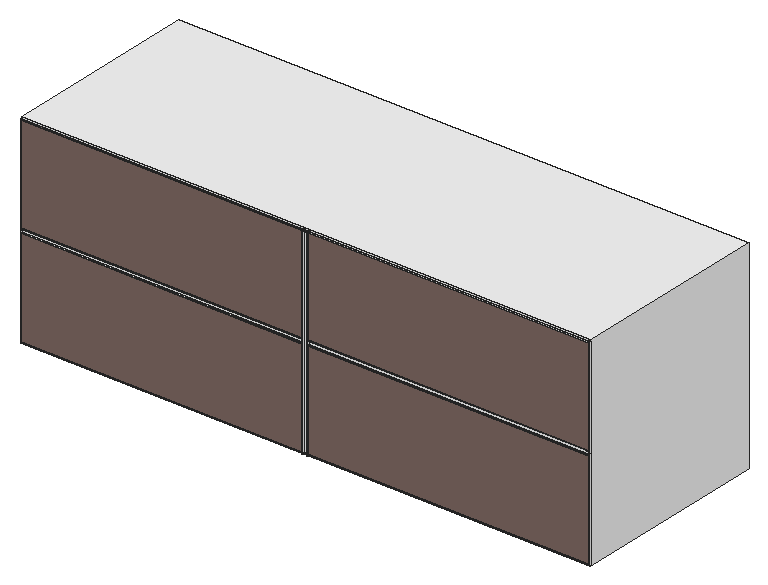
Revit family "vanity unit-hansgrohe-54199XXX-Xevolos E Vanity unit Matt White 1570_550 with 4 drawers for consoles with 2 countertop basins ground", category Furniture, Revit 2019 (continued)
Types (6, lengths in mm): name | SURFACE | NB | Model | MIdent | LODLEVEL | LINA | IDNR | ARTNR | 54199730-MATT_WHITE-DARK_OAK-400_RX0RY0RZ0TX0TY0TZ0_V | 54199730-MATT_WHITE-DARK_OAK-200_RX0RY0RZ0TX0TY0TZ0_V | 54199390-MATT_WHITE-PATTEREND_BRONZE-400_RX0RY0RZ0TX0TY0TZ0_V | 54199390-MATT_WHITE-PATTEREND_BRONZE-200_RX0RY0RZ0TX0TY0TZ0_V | 54199320-MATT_WHITE-METALLIC_WHITE-400_RX0RY0RZ0TX0TY0TZ0_V | 54199320-MATT_WHITE-METALLIC_WHITE-200_RX0RY0RZ0TX0TY0TZ0_V
  54199390-MATT_WHITE-PATTEREND_BRONZE-200 | "PATTEREND_BRONZE" | "54199390-MATT_WHITE-PATTEREND_BRONZE-200" | "54199390-MATT_WHITE-PATTEREND_BRONZE-200" | "{$CADENAS_DATA/23d-libs/hansgrohe/xevolos_furniture/e_vanity_unit_4drawers_consoles_2countertop_basin/vanity_unit_4drawers_consoles_2countertopbasin.prj},294 {VTYP=3D},{NB=54199390-MATT_WHITE-PATTEREND_BRONZE-200},{LINA=54199390-MATT_WHITE-PATTEREND_BRONZE-200},{NN=Vanity unit with 4 drawers for consoles with 2 countertop basins ground},{DATE=13.03.2023 11:55:27},{GEOMDATE=12.03.2023 06:39:00},{VERSION=},{LINEID=110},{WBVAR=LODLEVEL},{WBNUMERIC=}  {NB=54199390-MATT_WHITE-PATTEREND_BRONZE-200},{LINA=54199390-MATT_WHITE-PATTEREND_BRONZE-200},{KT=DUMMY},{IDNR=11},{ARTNR=54199390},{BASENUMBER=54199},{MODEL=54199XXX},{OBERFLAECHE=MATT_WHITE},{SURFACE=PATTEREND_BRONZE},{L=1570},{LODLEVEL=200},{LODLEVELX='400','400','200','200'},{NAME=Xevolos E Vanity unit Matt White 1570/550 with 4 drawers for consoles with 2 countertop basins ground},{PERMALINK=54199XXX},{OBJECTTYPE=Object (single object)},{BIMOBJECT=Sanitary: Compound units},{COLLECTIONSET=Xevolos E},{COLLECTION=vanity unit},{WEIGHT=92.3},{DESCRIPTION=Xevolos E Vanity unit Matt White 1570/550 with 4 drawers for consoles with 2 countertop basins ground},{PRODUCTURL=https://pro.hansgrohe.com/articledetail--54199320},{GTINCODE=0},{TENDERURL=0},{IFC=Furnishing element},{ETIM=EC011381 | Bathroom furniture set},{UNICLASS2015=Pr_40_30_78_05 | Bathroom furniture},{OMNICLASS=23-21 19 15 33 13 | Residential Bathroom Specialty Casework},{MASTERFORMAT=12 35 30.23 | Bathroom Casework},{UNSPSC=56 | Furniture and Furnishings},{UNIFORMATII=E2010 | Fixed Furnishings},{REGION=Worldwide},{DESIGN=Germany},{MANUFACTURER=Germany}" | "200" | "54199390-MATT_WHITE-PATTEREND_BRONZE-200" | 11 | "54199390" | no | no | no | yes | no | no
  54199390-MATT_WHITE-PATTEREND_BRONZE-400 | "PATTEREND_BRONZE" | "54199390-MATT_WHITE-PATTEREND_BRONZE-400" | "54199390-MATT_WHITE-PATTEREND_BRONZE-400" | "{$CADENAS_DATA/23d-libs/hansgrohe/xevolos_furniture/e_vanity_unit_4drawers_consoles_2countertop_basin/vanity_unit_4drawers_consoles_2countertopbasin.prj},294 {VTYP=3D},{NB=54199390-MATT_WHITE-PATTEREND_BRONZE-400},{LINA=54199390-MATT_WHITE-PATTEREND_BRONZE-400},{NN=Vanity unit with 4 drawers for consoles with 2 countertop basins ground},{DATE=13.03.2023 11:55:27},{GEOMDATE=12.03.2023 06:39:00},{VERSION=},{LINEID=110},{WBVAR=LODLEVEL},{WBNUMERIC=}  {NB=54199390-MATT_WHITE-PATTEREND_BRONZE-400},{LINA=54199390-MATT_WHITE-PATTEREND_BRONZE-400},{KT=DUMMY},{IDNR=11},{ARTNR=54199390},{BASENUMBER=54199},{MODEL=54199XXX},{OBERFLAECHE=MATT_WHITE},{SURFACE=PATTEREND_BRONZE},{L=1570},{LODLEVEL=400},{LODLEVELX='400','400','200','200'},{NAME=Xevolos E Vanity unit Matt White 1570/550 with 4 drawers for consoles with 2 countertop basins ground},{PERMALINK=54199XXX},{OBJECTTYPE=Object (single object)},{BIMOBJECT=Sanitary: Compound units},{COLLECTIONSET=Xevolos E},{COLLECTION=vanity unit},{WEIGHT=92.3},{DESCRIPTION=Xevolos E Vanity unit Matt White 1570/550 with 4 drawers for consoles with 2 countertop basins ground},{PRODUCTURL=https://pro.hansgrohe.com/articledetail--54199320},{GTINCODE=0},{TENDERURL=0},{IFC=Furnishing element},{ETIM=EC011381 | Bathroom furniture set},{UNICLASS2015=Pr_40_30_78_05 | Bathroom furniture},{OMNICLASS=23-21 19 15 33 13 | Residential Bathroom Specialty Casework},{MASTERFORMAT=12 35 30.23 | Bathroom Casework},{UNSPSC=56 | Furniture and Furnishings},{UNIFORMATII=E2010 | Fixed Furnishings},{REGION=Worldwide},{DESIGN=Germany},{MANUFACTURER=Germany}" | "400" | "54199390-MATT_WHITE-PATTEREND_BRONZE-400" | 11 | "54199390" | no | no | yes | no | no | no
  54199730-MATT_WHITE-DARK_OAK-200 | "DARK_OAK" | "54199730-MATT_WHITE-DARK_OAK-200" | "54199730-MATT_WHITE-DARK_OAK-200" | "{$CADENAS_DATA/23d-libs/hansgrohe/xevolos_furniture/e_vanity_unit_4drawers_consoles_2countertop_basin/vanity_unit_4drawers_consoles_2countertopbasin.prj},278 {VTYP=3D},{NB=54199730-MATT_WHITE-DARK_OAK-200},{LINA=54199730-MATT_WHITE-DARK_OAK-200},{NN=Vanity unit with 4 drawers for consoles with 2 countertop basins ground},{DATE=13.03.2023 11:55:27},{GEOMDATE=12.03.2023 06:39:00},{VERSION=},{LINEID=120},{WBVAR=LODLEVEL},{WBNUMERIC=}  {NB=54199730-MATT_WHITE-DARK_OAK-200},{LINA=54199730-MATT_WHITE-DARK_OAK-200},{KT=DUMMY},{IDNR=12},{ARTNR=54199730},{BASENUMBER=54199},{MODEL=54199XXX},{OBERFLAECHE=MATT_WHITE},{SURFACE=DARK_OAK},{L=1570},{LODLEVEL=200},{LODLEVELX='400','400','200','200'},{NAME=Xevolos E Vanity unit Matt White 1570/550 with 4 drawers for consoles with 2 countertop basins ground},{PERMALINK=54199XXX},{OBJECTTYPE=Object (single object)},{BIMOBJECT=Sanitary: Compound units},{COLLECTIONSET=Xevolos E},{COLLECTION=vanity unit},{WEIGHT=92.3},{DESCRIPTION=Xevolos E Vanity unit Matt White 1570/550 with 4 drawers for consoles with 2 countertop basins ground},{PRODUCTURL=https://pro.hansgrohe.com/articledetail--54199320},{GTINCODE=0},{TENDERURL=0},{IFC=Furnishing element},{ETIM=EC011381 | Bathroom furniture set},{UNICLASS2015=Pr_40_30_78_05 | Bathroom furniture},{OMNICLASS=23-21 19 15 33 13 | Residential Bathroom Specialty Casework},{MASTERFORMAT=12 35 30.23 | Bathroom Casework},{UNSPSC=56 | Furniture and Furnishings},{UNIFORMATII=E2010 | Fixed Furnishings},{REGION=Worldwide},{DESIGN=Germany},{MANUFACTURER=Germany}" | "200" | "54199730-MATT_WHITE-DARK_OAK-200" | 12 | "54199730" | no | yes | no | no | no | no
  54199730-MATT_WHITE-DARK_OAK-400 | "DARK_OAK" | "54199730-MATT_WHITE-DARK_OAK-400" | "54199730-MATT_WHITE-DARK_OAK-400" | "{$CADENAS_DATA/23d-libs/hansgrohe/xevolos_furniture/e_vanity_unit_4drawers_consoles_2countertop_basin/vanity_unit_4drawers_consoles_2countertopbasin.prj},278 {VTYP=3D},{NB=54199730-MATT_WHITE-DARK_OAK-400},{LINA=54199730-MATT_WHITE-DARK_OAK-400},{NN=Vanity unit with 4 drawers for consoles with 2 countertop basins ground},{DATE=13.03.2023 11:55:27},{GEOMDATE=12.03.2023 06:39:00},{VERSION=},{LINEID=120},{WBVAR=LODLEVEL},{WBNUMERIC=}  {NB=54199730-MATT_WHITE-DARK_OAK-400},{LINA=54199730-MATT_WHITE-DARK_OAK-400},{KT=DUMMY},{IDNR=12},{ARTNR=54199730},{BASENUMBER=54199},{MODEL=54199XXX},{OBERFLAECHE=MATT_WHITE},{SURFACE=DARK_OAK},{L=1570},{LODLEVEL=400},{LODLEVELX='400','400','200','200'},{NAME=Xevolos E Vanity unit Matt White 1570/550 with 4 drawers for consoles with 2 countertop basins ground},{PERMALINK=54199XXX},{OBJECTTYPE=Object (single object)},{BIMOBJECT=Sanitary: Compound units},{COLLECTIONSET=Xevolos E},{COLLECTION=vanity unit},{WEIGHT=92.3},{DESCRIPTION=Xevolos E Vanity unit Matt White 1570/550 with 4 drawers for consoles with 2 countertop basins ground},{PRODUCTURL=https://pro.hansgrohe.com/articledetail--54199320},{GTINCODE=0},{TENDERURL=0},{IFC=Furnishing element},{ETIM=EC011381 | Bathroom furniture set},{UNICLASS2015=Pr_40_30_78_05 | Bathroom furniture},{OMNICLASS=23-21 19 15 33 13 | Residential Bathroom Specialty Casework},{MASTERFORMAT=12 35 30.23 | Bathroom Casework},{UNSPSC=56 | Furniture and Furnishings},{UNIFORMATII=E2010 | Fixed Furnishings},{REGION=Worldwide},{DESIGN=Germany},{MANUFACTURER=Germany}" | "400" | "54199730-MATT_WHITE-DARK_OAK-400" | 12 | "54199730" | yes | no | no | no | no | no
